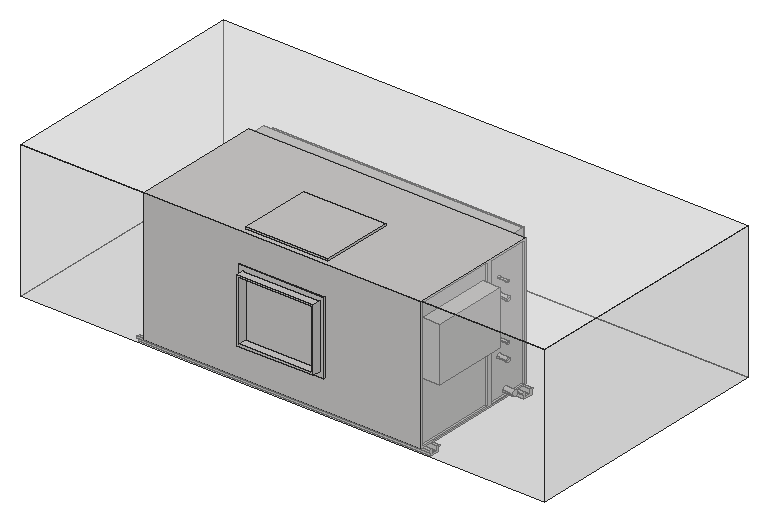
Revit family "outputfile", category 機械設備, Revit 2024
Family settings
  丸型コネクタ寸法 = 半径を使用
  パーツ タイプ = 標準
  OmniClass 番号 = 23.75.10.24.21.27.27
  OmniClass タイトル = Split System Air Conditioning Units
  作業面ベース = いいえ
  常に垂直 = はい
  ロード時にボイドで切り取り = いいえ
  注釈の向きを維持 = いいえ
  共有 = いいえ
  部屋計算ポイント = はい
Parameters (values of type "2FDN200HTL")
  Description = ""
  書き出し IFC クラス(タイプ) = "IfcUnitaryEquipmentType"
  定義済み IFC タイプ(タイプ) = "AIRCONDITIONINGUNIT"
  Cost = 0
  Type Comments = ""
  Keynote = ""
  Type Image = (empty or 0)
  Assembly Code = ""
  switch_frequency = yes
  lw_power = 980 mm
  lw_box = 98 mm
  lw_RA = 865 mm
  lh_liquidpipe_2 = 738 mm
  lh_height_SA = 408 mm
  lh_ld_mountinghole_height = 35 mm
  lh_height_RA = 747 mm
  lh_hangerfixture = 35 mm
  lh_gaspipe_2 = 638 mm
  lh_box_top = 110 mm
  lh_box = 350 mm
  lh_SA = 461 mm
  lh_RA = 476.5 mm
  ld_depth_SA = 60 mm
  ld_depth_RA = 130 mm
  ld_box_left = 30 mm
  ld_box = 490 mm
  connector_voltage = Voltage_60Hz  # 220 V
  connector_powerinput = [Power Input (Cooling)]  # 20.830 kW
  connector_phase = Phase_60Hz  # 3
  URL = ""
  Supply Air Direction [instance] = yes
  製造元 = "Daikin"
  モデル = "2FDN200HTL"
  w_pipe = 33 mm
  r_Liquid Pipe Size = Liquid Pipe Size / 2  # 6.35 mm
  r_Gas Pipe Size = Gas Pipe Size / 2  # 12.7 mm
  r_Drain Pipe Size = Drain Pipe Size / 2  # 17.0 mm
  lw_powersupply = 897 mm
  lw_width_RA = 1624 mm
  lw_width_SA = 474 mm
  lh_suctionflange [instance] = 100 mm
  ld_suctionflange [instance] = 190 mm
  ld_powersupply = 0 mm
  angle_vertical_RA [instance] = 90.00°
  angle horizontal_RA [instance] = 180.00°
  Voltage_comment_60Hz = "220"
  Voltage_60Hz = 220 V
  Sound Power Level_H speed (dB) = 0
  Phase_60Hz = 3
  Minimum External Static Pressure = 0.00 Pa
  Minimum Circuit Amps_60Hz = 0.0 A
  Maximum Fuse Amps_60Hz = 0.0 A
  Maximum External Static Pressure = 150.00 Pa
  Material_Casing = DAIKIN_GalvanizedSteel_Casing_indoorunit
  lw_liquidpipe = 945.5 mm
  lw_gaspipe = 947 mm
  lw_mountinghole_pitch = 1854 mm
  lw_mountinghole = 1894 mm
  lw_drainpipe = 947 mm
  lh_powersupply = 425 mm
  lh_liquidpipe = 382 mm
  lh_gaspipe = 282 mm
  lh_mountinghole = 9 mm
  lh_drainpipe = 65 mm
  lh_antena = 1 mm
  ld_liquidpipe = 223 mm
  ld_gaspipe = 223 mm
  ld_mountinghole_pitch = 755 mm
  ld_drainpipe = 276 mm
  ld_controlbox = 626 mm
  h*** = 0 mm  # constant formula
  d_dischargeflange = ld_depth_SA  # 60 mm
  Width = 1794 mm
  Version = "ver.1.0"
  Unit Type = "Duct"
  Unit Mass Weight = 196.00 kg
  Unit Designation [instance] = ""
  Uniclass2015Version = "Products v1.30"
  Uniclass2015Title = "Split coil room air conditioning units"
  Uniclass2015Code = "Pr_70_65_03_86"
  Total Cooling Capacity [instance] = 0.000 kW
  Sound Pressure Level_M speed (dBA) = 0
  Sound Pressure Level_L speed (dBA) = 0
  Sound Pressure Level_H speed (dBA) = 61
  Series = "Package Aircon_Fan Coil Unit"
  Sensible Cooling Capacity [instance] = 0.000 kW
  SA Duct Size Width = 474 mm
  SA Duct Size Height = 408 mm
  Refrigerant Type = "R410A"
  RA Duct Size Width = 1624 mm
  RA Duct Size Height = 747 mm
  Power Input (Cooling) = 20.830 kW
  Option Accessory 3 [instance] = ""
  Option Accessory 2 [instance] = ""
  Option Accessory 1 [instance] = ""
  Nominal Cooling Capacity = 58.617 kW
  Minimum Airflow = 0.00 m³/h
  Median Airflow = 0.00 m³/h
  Maximum Airflow = 10194.00 m³/h
  Load Classification = HVAC
  Liquid Pipe Size = 12.7 mm
  Link_Nested Family [instance] = ""
  IfcVersion = ""
  IfcExportType = "AIRCONDITIONINGUNIT"
  IfcExportAs = "IfcUnitaryEquipmentType"
  Height = 885 mm
  Heat Exchanger Type = "Cross Fin Coil"
  Gas Pipe Size = 25.4 mm
  Frequency_60Hz = 60 Hz
  Fan Type = "Sirocco Fan"
  Fan Drive = "-"
  FCU Tag No. [instance] = ""
  Drain Pipe Size = 34.0 mm
  Design Supply Airflow [instance] = 0.00 m³/h
  Design Return Airflow [instance] = 0.00 m³/h
  Design External Static Pressure [instance] = 0.00 Pa
  Depth = 850 mm
  既定の高さ = 0 mm
  Cooling Entering Wet Bulb Temperature [instance] = 0.00 °C
  Cooling Entering Dry Bulb Temperature [instance] = 0.00 °C
  Cooling Ambient Wet Bulb Temperature [instance] = 0.00 °C
  Cooling Ambient Dry Bulb Temperature [instance] = 0.00 °C
  Clearance visibility [instance] = yes
  Clearance Top = 0 mm
  Clearance Right = 800 mm
  Clearance Rear = 800 mm
  Clearance Left = 800 mm
  Clearance Front = 0 mm
  Clearance Bottom = 0 mm
Reference planes
  plane 1 "Center (Front/Back)": y = 0
  plane 2: z = 0
  plane 3 "Center (Left/Right)": x = 0
  plane 4 "Back": y = 425
  plane 5 "Front": y = -425
  plane 6 "Left": x = -897
  plane 7 "Right": x = 897
  plane 8 "Top": z = 0
  plane 9 "Bottom": z = -885
  plane 10: z = -503
  plane 11: z = -603
  plane 12: x = -927
  plane 13: x = 927
  plane 14: x = 945.5
  plane 15: x = 947
  plane 16: z = -876
  plane 17 "Clearance Left": x = -1697
  plane 18 "Clearance Right": x = 1697
  plane 19 "Clearance Rear": y = 1225
  plane 20 "Clearance Front": y = -425
  plane 21 "Clearance Bottom": z = -885
  plane 22: z = -820
  plane 23 "ld_gas": y = 223
  plane 24: y = 223
  plane 25: y = -30
  plane 26: y = 276
  plane 27: y = 235
  plane 28: x = 947
  plane 29: y = 377.5
  plane 30: y = -377.5
  plane 31: y = -485
  plane 32: y = 555
  plane 33 "Clearance Top": z = 0
  plane 34: z = -460
  plane 35: y = 0
  plane 36 "hangerfixture": z = -850
  plane 37 "lh_SA": z = -424
  plane 38 "lh_RA": z = -408.5
  plane 39 "RA_center": x = -32
  plane 40: y = -416
  plane 41: y = 119.5
  plane 42: y = 416
  plane 43: z = -9
  plane 44: z = -844
  plane 45: y = 137.5
  plane 46: y = -416
  plane 47: y = 119.5
  plane 48: y = 416
  plane 49: z = -9
  plane 50: z = -844
  plane 51: y = 137.5
  plane 52: x = 886
  plane 53: x = 995
  plane 54: y = -395
  plane 55: y = -375
  plane 56: y = 75
  plane 57: y = 95
  plane 58 "box_bottom": z = -460
  plane 59 "box_top": z = -110
  plane 60: x = -267
  plane 61: x = 267
  plane 62: y = -387.5
  plane 63: y = 80.5
  plane 64 "lw_power": x = 980
  plane 65: z = -147
  plane 66: z = -247
Forms (mm)
  Extrusion 1, solid, material "DAIKIN_GalvanizedSteel_Casing_indoorunit" <- "Material_Casing"
    sketch origin (0, -0.8, 0) x (1, 0, 0) y (0, 1, 0)
      loop
        line (-897, -424.2) -> (897, -424.2) -> (897, 425.8) -> (-897, 425.8) -> (-897, -424.2)
    from -850 to 0
  Revolve 2, solid, material "DAIKIN_GalvanizedSteel_Casing_indoorunit" <- "Material_Casing"
    sketch origin (0, 0, -603) x (0, -1, 0) y (1, 0, 0)
      loop
        line (-210.3, 877) -> (-210.3, 947) -> (-223, 947) -> (-223, 877) -> (-210.3, 877)
      axis (-223, 877) -> (-223, 947)
    angle from 0 to 360
  Revolve 3, solid, material "DAIKIN_GalvanizedSteel_Casing_indoorunit" <- "Material_Casing"
    sketch origin (0, 0, -503) x (0, -1, 0) y (1, 0, 0)
      loop
        line (-223, 877) -> (-223, 945.5) -> (-229.35, 945.5) -> (-229.35, 877) -> (-223, 877)
      axis (-223, 945.5) -> (-223, 877)
    angle from 0 to 360
  Extrusion 4, solid, material "DAIKIN_GalvanizedSteel_Casing_indoorunit" <- "Material_Casing"
    sketch origin (0, 0, 0) x (0, 1, 0) y (0, 0, 1)
      loop
        circle (276, -820) r 17
    from 947 to 877
  Extrusion 5, void
    sketch origin (897, 0, 0) x (0, 1, 0) y (0, 0, 1)
      loop
        line (-416, -9) -> (-416, -844) -> (119.5, -844) -> (119.5, -9) -> (-416, -9)
      loop
        line (416, -9) -> (137.5, -9) -> (137.5, -844) -> (416, -844) -> (416, -9)
    from 0 to -20
  Extrusion 6, void
    sketch origin (-897, 0, 0) x (0, 1, 0) y (0, 0, 1)
      loop
        line (-416, -9) -> (-416, -844) -> (119.5, -844) -> (119.5, -9) -> (-416, -9)
      loop
        line (416, -9) -> (137.5, -9) -> (137.5, -844) -> (416, -844) -> (416, -9)
    from 0 to 20
  Extrusion 7, solid, material "DAIKIN_GalvanizedSteel_Casing_indoorunit" <- "Material_Casing"
    sketch origin (0, 0, 0) x (1, 0, 0) y (0, 1, 0)
      loop
        line (877, -395) -> (995, -395) -> (995, 95) -> (877, 95) -> (877, -395)
    from -460 to -110
  Extrusion 8, solid, material "DAIKIN_GalvanizedSteel_Casing_indoorunit" <- "Material_Casing"
    sketch origin (0, 0, 0) x (-1, 0, 0) y (0, -1, 0)
      loop
        line (267, -80.5) -> (267, 387.5) -> (-267, 387.5) -> (-267, -80.5) -> (267, -80.5)
    from 0 to 9
  Revolve 9, solid, material "DAIKIN_GalvanizedSteel_Casing_indoorunit" <- "Material_Casing"
    sketch origin (0, 0, -247) x (0, -1, 0) y (1, 0, 0)
      loop
        line (-210.3, 877) -> (-210.3, 947) -> (-223, 947) -> (-223, 877) -> (-210.3, 877)
      axis (-223, 877) -> (-223, 947)
    angle from 0 to 360
  Revolve 10, solid, material "DAIKIN_GalvanizedSteel_Casing_indoorunit" <- "Material_Casing"
    sketch origin (0, 0, -147) x (0, -1, 0) y (1, 0, 0)
      loop
        line (-223, 877) -> (-223, 945.5) -> (-229.35, 945.5) -> (-229.35, 877) -> (-223, 877)
      axis (-223, 945.5) -> (-223, 877)
    angle from 0 to 360
  Extrusion 11, solid, material "DAIKIN_GalvanizedSteel_Casing_indoorunit" <- "Material_Casing"
    sketch origin (0, 0, 0) x (0, 1, 0) y (0, 0, 1)
      loop
        line (-337.5, -850) -> (-337.5, -859) -> (337.5, -859) -> (337.5, -850) -> (-337.5, -850)
    from -897 to 897
Cuts and joins
  Extrusion 5, Extrusion 6 cuts Extrusion 1
  Extrusion 6 cuts Revolve 2
  Extrusion 6 cuts Revolve 3
  Extrusion 6 cuts Extrusion 4
Dimensions and locks
  equal spacing: plane 12, plane 3 "Center (Left/Right)", plane 13
  "lw_mountinghole_pitch": plane 12 to plane 13
  "lh_liquidpipe": plane 10 to plane 9 "Bottom"
  "lh_gaspipe": plane 11 to plane 9 "Bottom"
  equal spacing: plane 6 "Left", plane 3 "Center (Left/Right)", plane 7 "Right"
  "Width": plane 6 "Left" to plane 7 "Right"
  "Clearance Right": plane 7 "Right" to plane 18 "Clearance Right"
  "Clearance Left": plane 17 "Clearance Left" to plane 6 "Left"
  "Clearance Rear": plane 19 "Clearance Rear" to plane 4 "Back"
  "Clearance Front": plane 5 "Front" to plane 20 "Clearance Front"
  "Depth": plane 4 "Back" to plane 5 "Front"
  equal spacing: plane 4 "Back", plane 1 "Center (Front/Back)", plane 5 "Front"
  "ld_suctionflange": plane 4 "Back" to plane 27
  "r_Liquid Pipe Size": nested 5 to Revolve 3 sketch curve
  equal spacing: plane 29, plane 1 "Center (Front/Back)", plane 30
  "ld_mountinghole_pitch": plane 29 to plane 30
  "lw_liquidpipe": plane 3 "Center (Left/Right)" to plane 14
  "lw_gaspipe": plane 3 "Center (Left/Right)" to plane 15
  "lw_drainpipe": plane 3 "Center (Left/Right)" to plane 28
  "lh_drainpipe": plane 22 to plane 9 "Bottom"
  "Clearance Top": plane 33 "Clearance Top" to plane 8 "Top"
  "Clearance Bottom": plane 9 "Bottom" to plane 21 "Clearance Bottom"
  "lh_powersupply": plane 34 to plane 9 "Bottom"
  level to plane 8 "Top" = 0 mm
  "lh_hangerfixture": plane 36 "hangerfixture" to plane 9 "Bottom"
  "lh_SA": plane 37 "lh_SA" to plane 9 "Bottom"
  "ld_depth_SA": plane 5 "Front" to plane 31
  "ld_depth_RA": plane 32 to plane 4 "Back"
  "lh_RA": plane 38 "lh_RA" to plane 9 "Bottom"
  "lw_RA": plane 6 "Left" to plane 39 "RA_center"
  locked: plane 36 "hangerfixture" to plane 44 at 6
  locked: plane 5 "Front" to plane 40 at 9
  locked: plane 8 "Top" to plane 43 at 9
  locked: plane 42 to plane 4 "Back" at 9
  plane 40 to plane 41 = 535.5 mm
  locked: plane 45 to plane 42 at 278.5
  locked: plane 46 to plane 47 at 535.5
  locked: plane 51 to plane 48 at 278.5
  locked: plane 5 "Front" to plane 46 at 9
  locked: plane 48 to plane 4 "Back" at 9
  locked: plane 8 "Top" to plane 49 at 9
  locked: plane 50 to plane 36 "hangerfixture" at 6
  "ld_box_left": plane 54 to plane 5 "Front"
  "ld_box": plane 57 to plane 54
  locked: plane 55 to plane 54 at 20
  locked: plane 57 to plane 56 at 20
  locked: cut or joined group of Extrusion 1, Extrusion 5, Extrusion 6 to plane 52 at 9
  "lw_box": plane 7 "Right" to plane 53
  "lh_box": plane 59 "box_top" to plane 58 "box_bottom"
  plane 60 to plane 3 "Center (Left/Right)" to plane 61 = 267 mm locked, 267 mm locked
  plane 63 to plane 62 to plane 5 "Front" = 468 mm locked, 37.5 mm locked
  "lw_power": plane 3 "Center (Left/Right)" to plane 64 "lw_power"
  "lh_gaspipe_2": plane 66 to plane 9 "Bottom"
  "lh_liquidpipe_2": plane 65 to plane 9 "Bottom"
  "ld_powersupply": plane 35 to plane 1 "Center (Front/Back)"
  "ld_drainpipe": plane 26 to plane 1 "Center (Front/Back)"
  "ld_gaspipe": plane 23 "ld_gas" to plane 1 "Center (Front/Back)"
  "r_Gas Pipe Size": plane 23 "ld_gas" to Revolve 9 sketch curve
  "r_Gas Pipe Size": plane 23 "ld_gas" to Revolve 2 sketch curve
  "r_Liquid Pipe Size": Revolve 10 sketch curve to plane 24
  "ld_liquidpipe": plane 24 to plane 1 "Center (Front/Back)"
  "Height": plane 8 "Top" to plane 9 "Bottom"
  "lh_mountinghole": plane 16 to plane 9 "Bottom"
  "lh_box_top": plane 8 "Top" to plane 59 "box_top"
  "r_Drain Pipe Size": radius of Extrusion 4 sketch curve
  aligned and locked: level to plane 2
  aligned and locked: plane 8 "Top" to Extrusion 1
  aligned and locked: Revolve 2 sketch curve to Revolve 2 sketch curve
  aligned and locked: plane 14 to nested 5
  aligned and locked: nested 5 to plane 10
  aligned and locked: plane 13 to nested 2
  aligned and locked: plane 12 to nested 3
  aligned and locked: plane 12 to nested 4
  aligned and locked: nested 6 to plane 11
  aligned and locked: plane 23 "ld_gas" to nested 6
  aligned and locked: plane 24 to nested 5
  aligned and locked: Extrusion 4 sketch curve to plane 26
  aligned and locked: nested 11 to plane 19 "Clearance Rear"
  aligned and locked: plane 18 "Clearance Right" to nested 11
  aligned and locked: plane 17 "Clearance Left" to nested 11
  aligned and locked: nested 11 to plane 20 "Clearance Front"
  aligned and locked: plane 28 to Extrusion 4
  aligned and locked: plane 15 to nested 6  (x2)
  aligned and locked: plane 13 to nested 1
  aligned and locked: plane 26 to nested 7
  aligned and locked: nested 7 to plane 22
  aligned and locked: nested 7 to plane 28
  aligned and locked: nested 9 to plane 1 "Center (Front/Back)"
  aligned and locked: plane 3 "Center (Left/Right)" to nested 9
  aligned and locked: plane 29 to nested 1
  aligned and locked: plane 30 to nested 2
  aligned and locked: nested 4 to plane 29
  aligned and locked: nested 3 to plane 30
  aligned and locked: nested 10 to plane 4 "Back"
  aligned and locked: nested 8 to plane 31
  aligned and locked: plane 32 to nested 14
  aligned and locked: plane 3 "Center (Left/Right)" to nested 13
  aligned and locked: nested 11 to plane 33 "Clearance Top"
  aligned and locked: nested 11 to plane 21 "Clearance Bottom"
  aligned and locked: nested 12 to plane 9 "Bottom"
  aligned and locked: plane 36 "hangerfixture" to Extrusion 1
  aligned and locked: plane 37 "lh_SA" to nested 8
  aligned and locked: Extrusion 1 to plane 5 "Front"
  aligned and locked: nested 13 to plane 31
  aligned and locked: plane 37 "lh_SA" to nested 13
  aligned and locked: Extrusion 1 to plane 4 "Back"
  aligned and locked: plane 38 "lh_RA" to nested 10
  aligned and locked: nested 14 to plane 38 "lh_RA"
  aligned and locked: plane 39 "RA_center" to nested 10
  aligned and locked: nested 14 to plane 39 "RA_center"
  aligned and locked: Extrusion 5 sketch curve to plane 43
  aligned and locked: Extrusion 5 sketch curve to plane 40
  aligned and locked: plane 44 to Extrusion 5 sketch curve
  aligned and locked: Extrusion 5 sketch curve to plane 41
  aligned and locked: plane 43 to Extrusion 5 sketch curve
  aligned and locked: Extrusion 5 sketch curve to plane 42
  aligned and locked: Extrusion 5 sketch curve to plane 44
  aligned and locked: Extrusion 5 sketch curve to plane 45
  aligned and locked: Extrusion 6 sketch curve to plane 49
  aligned and locked: Extrusion 6 sketch curve to plane 46
  aligned and locked: plane 50 to Extrusion 6 sketch curve
  aligned and locked: Extrusion 6 sketch curve to plane 47
  aligned and locked: plane 49 to Extrusion 6 sketch curve
  aligned and locked: Extrusion 6 sketch curve to plane 48
  aligned and locked: Extrusion 6 sketch curve to plane 50
  aligned and locked: Extrusion 6 sketch curve to plane 51
  aligned and locked: cut or joined group of Extrusion 1, Extrusion 5, Extrusion 6 to Extrusion 7 sketch curve
  aligned and locked: plane 57 to Extrusion 7 sketch curve
  aligned and locked: plane 53 to Extrusion 7 sketch curve
  aligned and locked: Extrusion 7 sketch curve to plane 54
  aligned and locked: plane 59 "box_top" to Extrusion 7
  aligned and locked: Extrusion 7 to plane 58 "box_bottom"
  aligned and locked: Extrusion 8 sketch curve to plane 63
  aligned and locked: Extrusion 8 sketch curve to plane 60
  aligned and locked: plane 62 to Extrusion 8 sketch curve
  aligned and locked: plane 61 to Extrusion 8 sketch curve
  aligned and locked: Revolve 9 sketch curve to Revolve 9 sketch curve
  aligned and locked: nested 16 to plane 65
  aligned and locked: nested 17 to plane 66
  aligned and locked: Revolve 10 to plane 14
  aligned and locked: plane 14 to nested 16
  aligned and locked: plane 15 to cut or joined group of Revolve 2, Extrusion 6  (x3)
  aligned and locked: cut or joined group of Revolve 2, Extrusion 6 to plane 15
  aligned and locked: nested 15 to plane 35
  aligned and locked: Revolve 2 sketch curve to plane 23 "ld_gas"
  aligned and locked: plane 23 "ld_gas" to nested 17
  aligned and locked: plane 24 to nested 16
  aligned and locked: cut or joined group of Extrusion 1, Extrusion 5, Extrusion 6 to cut or joined group of Extrusion 4, Extrusion 6
  aligned and locked: cut or joined group of Extrusion 1, Extrusion 5, Extrusion 6 to Revolve 10
  aligned and locked: Revolve 9 to cut or joined group of Extrusion 1, Extrusion 5, Extrusion 6
  aligned and locked: cut or joined group of Extrusion 1, Extrusion 5, Extrusion 6 to cut or joined group of Revolve 3, Extrusion 6
  aligned and locked: cut or joined group of Revolve 2, Extrusion 6 to cut or joined group of Extrusion 1, Extrusion 5, Extrusion 6
  aligned and locked: plane 36 "hangerfixture" to Extrusion 11 sketch curve
  aligned and locked: Extrusion 11 sketch curve to nested 12  (x3)
  aligned and locked: Extrusion 11 to plane 6 "Left"
  aligned and locked: plane 7 "Right" to Extrusion 11
  aligned and locked: nested 15 to plane 34
  aligned and locked: nested 15 to plane 64 "lw_power"
  aligned and locked: level to plane 8 "Top"
Automatic sketch dimensions
  Extrusion 1 sketch curve to plane 4 "Back" = 0 mm
  Extrusion 1 sketch curve to plane 6 "Left" = 0 mm
  Extrusion 1 sketch curve to plane 5 "Front" = 0 mm
  Extrusion 1 sketch curve to plane 7 "Right" = 0 mm
  Revolve 3 sketch curve to plane 23 "ld_gas" = 0 mm  (x2)
  Revolve 3 sketch curve to plane 14 = 0 mm  (x2)
  Revolve 3 sketch curve to plane 7 "Right" = 20 mm
  plane 7 "Right" to Revolve 3 sketch curve = 1 mm
  Extrusion 4 sketch curve to plane 22 = 0 mm
  Revolve 10 sketch curve to plane 23 "ld_gas" = 0 mm  (x2)
  Revolve 10 sketch curve to plane 14 = 0 mm  (x2)
  Revolve 10 sketch curve to plane 7 "Right" = 20 mm
  plane 7 "Right" to Revolve 10 sketch curve = 1 mm
  Revolve 2 sketch curve to plane 15 = 0 mm
  Revolve 2 sketch curve to plane 7 "Right" = 20 mm
  plane 7 "Right" to Revolve 2 sketch curve = 2.003 mm
  plane 15 to Revolve 2 sketch curve = 1.003 mm
  Revolve 9 sketch curve to plane 23 "ld_gas" = 0 mm
  Revolve 9 sketch curve to plane 15 = 0 mm
  Revolve 9 sketch curve to plane 7 "Right" = 20 mm
  plane 7 "Right" to Revolve 9 sketch curve = 2.003 mm
  plane 15 to Revolve 9 sketch curve = 1.003 mm
Nested families
  nested 1: "daikin_mountinghole" at (927, 377.5, -885), Link_Nested Family <- "Link_Nested Family", h_mountinghole <- "lh_mountinghole", l_antenna <- "lh_antena", type "daikin_mountinghole"
    with show yes, l_antenna 1 mm, h_mountinghole 9 mm, Link_Nested Family "", d_circle 23 mm
  nested 2: "daikin_mountinghole" at (927, -377.5, -885), Link_Nested Family <- "Link_Nested Family", h_mountinghole <- "lh_mountinghole", l_antenna <- "lh_antena", type "daikin_mountinghole"
    with show yes, l_antenna 1 mm, h_mountinghole 9 mm, Link_Nested Family "", d_circle 23 mm
  nested 3: "daikin_mountinghole" at (-927, -377.5, -885), Link_Nested Family <- "Link_Nested Family", h_mountinghole <- "lh_mountinghole", l_antenna <- "lh_antena", type "daikin_mountinghole"
    with show yes, l_antenna 1 mm, h_mountinghole 9 mm, Link_Nested Family "", d_circle 23 mm
  nested 4: "daikin_mountinghole" at (-927, 377.5, -885), Link_Nested Family <- "Link_Nested Family", h_mountinghole <- "lh_mountinghole", l_antenna <- "lh_antena", type "daikin_mountinghole"
    with show yes, l_antenna 1 mm, h_mountinghole 9 mm, Link_Nested Family "", d_circle 23 mm
  nested 5: "daikin_connector_rotate2" at (0, 223, -503) x (0, 1, 0) z (0, 0, 1), length <- "lw_liquidpipe", built-in parameter 1001364 <- "lh_liquidpipe", radius <- "r_Liquid Pipe Size", type "daikin_connector_rotate2"
    with radius 6.35 mm, length 945.5 mm, angle_vertical 90.00°
  nested 6: "daikin_connector_rotate2" at (0, 223, -603) x (0, 1, 0) z (0, 0, 1), length <- "lw_gaspipe", built-in parameter 1001364 <- "lh_gaspipe", radius <- "r_Gas Pipe Size", type "daikin_connector_rotate2"
    with radius 12.7 mm, length 947 mm, angle_vertical 90.00°
  nested 7: "daikin_connector_rotate2" at (0, 276, -820) x (0, 1, 0) z (0, 0, 1), built-in parameter 1001364 <- "lh_drainpipe", length <- "lw_drainpipe", radius <- "r_Drain Pipe Size", type "daikin_connector_rotate2"
    with radius 17 mm, length 947 mm, angle_vertical 90.00°
  nested 8: "daikin_connector_rotate2" at (0, -425, -424), length <- "d_dischargeflange", type "daikin_connector_rotate2"
    with radius 10 mm, length 60 mm, angle_vertical 90.00°
  nested 9: "daikin_△_symbolicline" at (-75, -129.904, 9) x (-0.5, 0.866, 0) z (0, 0, 1), visible <- "Supply Air Direction", type "daikin_△_symbolicline"
    with length 300 mm
  nested 10: "daikin_ductflange_2FDN-HTL" at (-32, 425, -408.5), material <- "Material_Casing", width <- "lw_width_RA", height <- "lh_height_RA", depth <- "ld_depth_RA", type "daikin_ductflange_2FDN-HTL"
    with width 1624 mm, material DAIKIN_GalvanizedSteel_Casing_indoorunit, height 747 mm, depth 130 mm
  nested 11: "daikin_clearancespace" at (0, 400, -442.381), visible <- "Clearance visibility", show <- "Clearance visibility", Link_Nested Family <- "Link_Nested Family", type "daikin_clearancespace"
    with width 3394 mm, show yes, height 885 mm, depth 1650 mm, Link_Nested Family ""
  nested 12: "daikin_hangerfixture_2FDN-HTL" at (0, 0, -885), type "daikin_hangerfixture_2FDN-HTL"
  nested 13: "daikin_ductflange_2FDN-HTL_1" at (0, -425, -613.401), width <- "lw_width_SA", material <- "Material_Casing", height <- "lh_height_SA", depth <- "ld_depth_SA", type "daikin_ductflange_2FDN-HTL_1"
    with width 474 mm, material DAIKIN_GalvanizedSteel_Casing_indoorunit, height 408 mm, depth 60 mm
  nested 14: "daikin_connector_rotate2" at (-32, 425, -408.5) x (-1, 0, 0) z (0, 0, 1), length <- "ld_depth_RA", type "daikin_connector_rotate2"
    with radius 10 mm, length 130 mm, angle_vertical 90.00°
  nested 15: "daikin_connector_rotate2" at (980, 0, -110) x (0, 1, 0) z (1, 0, 0), length <- "lh_box", type "daikin_connector_rotate2"
    with radius 10 mm, length 350 mm, angle_vertical 90.00°
  nested 16: "daikin_connector_rotate2" at (0, 223, -147) x (0, 1, 0) z (0, 0, 1), length <- "lw_liquidpipe", built-in parameter 1001364 <- "lh_liquidpipe", radius <- "r_Liquid Pipe Size", type "daikin_connector_rotate2"
    with radius 6.35 mm, length 945.5 mm, angle_vertical 90.00°
  nested 17: "daikin_connector_rotate2" at (0, 223, -247) x (0, 1, 0) z (0, 0, 1), length <- "lw_gaspipe", built-in parameter 1001364 <- "lh_gaspipe", radius <- "r_Gas Pipe Size", type "daikin_connector_rotate2"
    with radius 12.7 mm, length 947 mm, angle_vertical 90.00°
Connectors
  piping at (947, 223, -603), diameter 25.4, driven by "r_Gas Pipe Size"
    settings: on nested 6, index 1, connector inside diameter 609.6 mm, connector length 0 mm, flow factor 0, pipe flow 0.00 m³/h, pressure drop 0.0 Pa, fitting loss kfactor 0, connector angle 0.00°, fixture units 0, engagement length 0 mm, angle of deflection 0.00°, flow configuration 1, flow direction 2, fitting loss method 0, system type 29, joint type 0, gender type 0, connector reference index -1, connector utility 0, adjustable connector no, is connector primary yes, connector description "Refrigerant Gas Piping"
  piping at (945.5, 223, -503), diameter 12.7, driven by "r_Liquid Pipe Size"
    settings: on nested 5, index 2, connector inside diameter 609.6 mm, connector length 0 mm, flow factor 0, pipe flow 0.00 m³/h, pressure drop 0.0 Pa, fitting loss kfactor 0, connector angle 0.00°, fixture units 0, engagement length 0 mm, angle of deflection 0.00°, flow configuration 1, flow direction 1, fitting loss method 0, system type 29, joint type 0, gender type 0, connector reference index -1, connector utility 0, adjustable connector no, is connector primary no, connector description "Refrigerant Liquid Piping"
  piping at (947, 276, -820), diameter 34, driven by "r_Drain Pipe Size"
    settings: on nested 7, index 3, connector inside diameter 609.6 mm, connector length 0 mm, flow factor 0, pipe flow 0.00 m³/h, pressure drop 0.0 Pa, fitting loss kfactor 0, connector angle 0.00°, fixture units 0, engagement length 0 mm, angle of deflection 0.00°, flow configuration 1, flow direction 2, fitting loss method 4, system type 16, joint type 0, gender type 0, connector reference index -1, connector utility 0, adjustable connector no, is connector primary no, connector description "Condensate Drain Piping"
  hvac at (0, -485, -424), driven by "SA Duct Size Height", driven by "SA Duct Size Width"
    settings: on nested 8, index 7, duct flow 0.00 m³/h, flow factor 0, pres drop 0.00 Pa, loss coef 0, conn angle 0.00°, conn width 474.0 mm, conn height 408.0 mm, conn diameter 609.6 mm, duct sys type 1, conn prof type 1, flow config 0, flow direction 2, loss method 4, conn ref index -1, conn util no, is conn primary yes, conn desc "SA Duct"
  hvac at (-32, 555, -408.5), driven by "RA Duct Size Width", driven by "RA Duct Size Height"
    settings: on nested 14, index 8, duct flow 0.00 m³/h, flow factor 0, pres drop 0.00 Pa, loss coef 0, conn angle 0.00°, conn width 1624.0 mm, conn height 747.0 mm, conn diameter 609.6 mm, duct sys type 2, conn prof type 1, flow config 0, flow direction 1, loss method 4, conn ref index -1, conn util no, is conn primary no, conn desc "RA Duct"
  electrical at (980, 0, -460), driven by "Load Classification", driven by "connector_phase", driven by "connector_powerinput", driven by "connector_voltage"
    settings: on nested 15, index 9, voltage 220 V, apparent load 20830 VA, apparent load phase1 0 VA, apparent load phase2 0 VA, apparent load phase3 0 VA, power factor 1, load classification "HVAC", number of poles 3, system type 30, power factor state 1, is connector primary yes, connector utility no, sub classification motor no, connector description "Power Supply"
  piping at (947, 223, -247), diameter 25.4, driven by "r_Gas Pipe Size"
    settings: on nested 17, index 10, connector inside diameter 609.6 mm, connector length 0 mm, flow factor 0, pipe flow 0.00 m³/h, pressure drop 0.0 Pa, fitting loss kfactor 0, connector angle 0.00°, fixture units 0, engagement length 0 mm, angle of deflection 0.00°, flow configuration 1, flow direction 2, fitting loss method 0, system type 29, joint type 0, gender type 0, connector reference index -1, connector utility 0, adjustable connector no, is connector primary no, connector description "Refrigerant Gas Piping"
  piping at (945.5, 223, -147), diameter 12.7, driven by "r_Liquid Pipe Size"
    settings: on nested 16, index 11, connector inside diameter 609.6 mm, connector length 0 mm, flow factor 0, pipe flow 0.00 m³/h, pressure drop 0.0 Pa, fitting loss kfactor 0, connector angle 0.00°, fixture units 0, engagement length 0 mm, angle of deflection 0.00°, flow configuration 1, flow direction 1, fitting loss method 0, system type 29, joint type 0, gender type 0, connector reference index -1, connector utility 0, adjustable connector no, is connector primary no, connector description "Refrigerant Liquid Piping"
Definition of nested family "daikin_ductflange_2FDN-HTL"
  Parameters (values of type "daikin_ductflange_FBFC-AXVA_1")
    width [instance] = 1624 mm
    material [instance] = none
    height [instance] = 747 mm
    depth [instance] = 130 mm
    Default Elevation = 0 mm
  Reference planes
    plane 1 "Center (Front/Back)": y = 0
    plane 2: z = 0
    plane 3 "Center (Left/Right)": x = 0
    plane 4: x = -812
    plane 5: x = 812
    plane 6: z = 373.5
    plane 7: z = -373.5
    plane 8: y = 90
    plane 9: y = 130
    plane 10: x = -802
    plane 11: x = 802
    plane 12: z = -363.5
    plane 13: z = 363.5
    plane 14: x = -838
    plane 15: x = 838
    plane 16: z = 393.5
    plane 17: z = -393.5
  Forms (mm)
    Extrusion 1, solid, material <- "material"
      sketch origin (0, 0, 0) x (1, 0, 0) y (0, 0, 1)
        loop
          line (-838, 393.5) -> (-838, -393.5) -> (838, -393.5) -> (838, 393.5) -> (-838, 393.5)
        loop
          line (-802, 363.5) -> (-802, -363.5) -> (802, -363.5) -> (802, 363.5) -> (-802, 363.5)
      from 0 to -90
    Extrusion 2, solid, material <- "material"
      sketch origin (0, 0, 0) x (1, 0, 0) y (0, 0, 1)
        loop
          line (-812, 373.5) -> (-812, -373.5) -> (812, -373.5) -> (812, 373.5) -> (-812, 373.5)
        loop
          line (802, 363.5) -> (-802, 363.5) -> (-802, -363.5) -> (802, -363.5) -> (802, 363.5)
      from -130 to -90
  Cuts and joins
    joined: Extrusion 1, Extrusion 2
  Dimensions and locks
    equal spacing: plane 5, plane 3 "Center (Left/Right)", plane 4
    "width": plane 5 to plane 4
    equal spacing: plane 6, level, plane 7
    "height": plane 6 to plane 7
    locked: plane 1 "Center (Front/Back)" to plane 8 at 90
    "depth": plane 1 "Center (Front/Back)" to plane 9
    locked: plane 6 to plane 13 at 10
    locked: plane 12 to plane 7 at 10
    locked: plane 5 to plane 11 at 10
    locked: plane 10 to plane 4 at 10
    locked: plane 4 to plane 14 at 26
    locked: plane 15 to plane 5 at 26
    locked: plane 16 to plane 6 at 20
    locked: plane 7 to plane 17 at 20
    aligned and locked: level to plane 2
    aligned and locked: Extrusion 1 to plane 8
    aligned and locked: plane 1 "Center (Front/Back)" to Extrusion 1
    aligned and locked: Extrusion 2 to plane 9
    aligned and locked: Extrusion 2 to Extrusion 1
    aligned and locked: plane 13 to Extrusion 2 sketch curve
    aligned and locked: plane 11 to Extrusion 2 sketch curve
    aligned and locked: Extrusion 2 sketch curve to plane 12
    aligned and locked: Extrusion 2 sketch curve to plane 10
    aligned and locked: Extrusion 1 sketch curve to plane 16
    aligned and locked: plane 14 to Extrusion 1 sketch curve
    aligned and locked: plane 17 to Extrusion 1 sketch curve
    aligned and locked: Extrusion 1 sketch curve to plane 15
  Automatic sketch dimensions
    Extrusion 2 sketch curve to plane 4 = 0 mm
    Extrusion 2 sketch curve to plane 5 = 0 mm
    Extrusion 2 sketch curve to plane 7 = 0 mm
    Extrusion 2 sketch curve to plane 6 = 0 mm
    plane 4 to Extrusion 1 sketch curve = 10 mm
    Extrusion 1 sketch curve to plane 5 = 10 mm
    plane 7 to Extrusion 1 sketch curve = 10 mm
    Extrusion 1 sketch curve to plane 6 = 10 mm
Definition of nested family "daikin_clearancespace"
  Parameters (values of type "daikin_clearancespace")
    Description = "daikin_clearancespace"
    width [instance] = 1823.963 mm
    show [instance] = yes
    material = none
    height [instance] = 1359.762 mm
    depth [instance] = 880 mm
    Default Elevation = 0 mm
    Link_Nested Family [instance] = ""
  Reference planes
    plane 1 "Center (Front/Back)": y = 0
    plane 2 "Center (Elevation)": z = -0.119
    plane 3 "Center (Left/Right)": x = 0
    plane 4: y = 440
    plane 5: y = -440
    plane 6 "Right": x = 911.982
    plane 7 "Left": x = -911.982
    plane 8 "Top": z = 679.762
    plane 9 "Bottom": z = -680
  Forms (mm)
    Extrusion 1, solid, material <- "material", visible <- "show"
      sketch origin (0, 0, 0) x (1, 0, 0) y (0, 1, 0)
        loop
          line (-911.982, 440) -> (-911.982, -440) -> (911.982, -440) -> (911.982, 440) -> (-911.982, 440)
      from -680 to 679.762
  Lines and regions (mm)
    symbolic lines, visible <- "show"
      curve 1: line (911.982, 440, 0) -> (-911.982, 440, 0)
      curve 2: line (-911.982, 440, 0) -> (-911.982, -440, 0)
      curve 3: line (-911.982, -440, 0) -> (911.982, -440, 0)
      curve 4: line (911.982, -440, 0) -> (911.982, 440, 0)
      curve 5: line (911.982, 0, 679.762) -> (-911.982, 0, 679.762)
      curve 6: line (911.982, 0, -680) -> (911.982, 0, 679.762)
      curve 7: line (-911.982, 0, -680) -> (911.982, 0, -680)
      curve 8: line (-911.982, 0, 679.762) -> (-911.982, 0, -680)
      curve 9: line (0, 440, 679.762) -> (0, -440, 679.762)
      curve 10: line (0, -440, 679.762) -> (0, -440, -680)
      curve 11: line (0, 440, -680) -> (0, 440, 679.762)
      curve 12: line (0, -440, -680) -> (0, 440, -680)
  Dimensions and locks
    "width": plane 7 "Left" to plane 6 "Right"
    "depth": plane 4 to plane 5
    "height": plane 8 "Top" to plane 9 "Bottom"
    equal spacing: plane 7 "Left", plane 3 "Center (Left/Right)", plane 6 "Right"
    equal spacing: plane 4, plane 1 "Center (Front/Back)", plane 5
    equal spacing: plane 8 "Top", plane 2 "Center (Elevation)", plane 9 "Bottom"
    aligned and locked: level to plane 2 "Center (Elevation)"
    aligned and locked: Extrusion 1 sketch curve to plane 4
    aligned and locked: plane 7 "Left" to Extrusion 1 sketch curve
    aligned and locked: Extrusion 1 sketch curve to plane 5
    aligned and locked: Extrusion 1 sketch curve to plane 6 "Right"
    aligned and locked: plane 8 "Top" to Extrusion 1
    aligned and locked: curve 1 to Extrusion 1
    aligned and locked: curve 2 to Extrusion 1
    aligned and locked: curve 3 to Extrusion 1
    aligned and locked: curve 4 to Extrusion 1
    aligned and locked: curve 5 to Extrusion 1
    aligned and locked: curve 6 to Extrusion 1
    aligned and locked: curve 7 to Extrusion 1
    aligned and locked: curve 8 to Extrusion 1
    aligned and locked: curve 9 to Extrusion 1
    aligned and locked: curve 10 to Extrusion 1
    aligned and locked: curve 11 to Extrusion 1
    aligned and locked: curve 12 to Extrusion 1
    aligned and locked: Extrusion 1 to plane 9 "Bottom"
Definition of nested family "daikin_hangerfixture_2FDN-HTL"
  Parameters (values of type "daikin_hangerfixture_FBFC-AXVA")
    width = 1854 mm
    material = none
    height = 35 mm
    e = 40 mm
    depth = 755 mm
    Default Elevation = 0 mm
    G = 1894 mm
    E = 50 mm
  Reference planes
    plane 1 "Center (Front/Back)": y = 0
    plane 2: z = 0
    plane 3 "Center (Left/Right)": x = 0
    plane 4: x = 927
    plane 5: x = -927
    plane 6: z = 35
    plane 7: y = 377.5
    plane 8: y = -377.5
    plane 9: x = -947
    plane 10: x = 947
    plane 11: y = 417.5
    plane 12: y = -417.5
  Forms (mm)
    Extrusion 1, solid
      sketch origin (0, 0, 0) x (0, 1, 0) y (0, 0, 1)
        loop
          line (-357.5, 35) -> (-357.5, 9) -> (-397.5, 9) -> (-397.5, 35) -> (-417.5, 35) -> (-417.5, 26) -> (-406.5, 26) -> (-406.5, 0) -> (-348.5, 0) -> (-348.5, 26) -> (-337.5, 26) -> (-337.5, 35) -> (-357.5, 35)
        loop
          line (357.5, 35) -> (337.5, 35) -> (337.5, 26) -> (348.5, 26) -> (348.5, 0) -> (406.5, 0) -> (406.5, 26) -> (417.5, 26) -> (417.5, 35) -> (397.5, 35) -> (397.5, 9) -> (357.5, 9) -> (357.5, 35)
      from -947 to 947
    Extrusion 2, void
      sketch origin (0, 0, 0) x (1, 0, 0) y (0, 1, 0)
        loop
          circle (-927, 377.5) r 11.5
        loop
          circle (-927, -377.5) r 11.5
        loop
          circle (927, -377.5) r 11.5
        loop
          circle (927, 377.5) r 11.5
      from 0 to 9
  Cuts and joins
    Extrusion 2 cuts Extrusion 1
  Dimensions and locks
    "width": plane 5 to plane 4
    equal spacing: plane 5, plane 3 "Center (Left/Right)", plane 4
    "depth": plane 8 to plane 7
    equal spacing: plane 8, plane 1 "Center (Front/Back)", plane 7
    "height": plane 6 to level
    "e": plane 7 to plane 11
    "e": plane 12 to plane 8
    equal spacing: Extrusion 1 sketch curve, plane 8, Extrusion 1 sketch curve  (x2)
    "e": Extrusion 1 sketch curve to plane 8 to Extrusion 1 sketch curve
    locked: Extrusion 1 sketch curve to level at 9  (x2)
    Extrusion 1 sketch curve to Extrusion 1 sketch curve = 80 mm
    equal spacing: Extrusion 1 sketch curve, plane 7, Extrusion 1 sketch curve  (x2)
    equal spacing: plane 9, plane 3 "Center (Left/Right)", plane 10
    "G": plane 9 to plane 10
    aligned and locked: level to plane 2
    aligned and locked: plane 6 to Extrusion 1 sketch curve  (x2)
    aligned and locked: Extrusion 1 sketch curve to level
    aligned and locked: level to Extrusion 1 sketch curve
    aligned and locked: Extrusion 1 to plane 9
    aligned and locked: plane 10 to Extrusion 1
    aligned and locked: plane 7 to Extrusion 2 sketch curve  (x2)
    aligned and locked: plane 5 to Extrusion 2 sketch curve  (x2)
    aligned and locked: plane 8 to Extrusion 2 sketch curve  (x2)
    aligned and locked: plane 4 to Extrusion 2 sketch curve  (x2)
  Automatic sketch dimensions
    Extrusion 1 sketch curve to plane 6 = 0 mm  (x2)
    Extrusion 1 sketch curve to plane 11 = 0 mm
    Extrusion 1 sketch curve to Extrusion 1 sketch curve = 11 mm  (x2)
    Extrusion 1 sketch curve to Extrusion 1 sketch curve = 9 mm  (x3)
    Extrusion 1 sketch curve to plane 6 = 9 mm  (x3)
    radius of Extrusion 2 sketch curve = 11.5 mm  (x4)
Definition of nested family "daikin_ductflange_2FDN-HTL_1"
  Parameters (values of type "daikin_ductflange_FBFC-AXVA")
    width [instance] = 474 mm
    t [instance] = 10 mm
    material [instance] = none
    height [instance] = 408 mm
    depth [instance] = 60 mm
    Default Elevation = 0 mm
  Reference planes
    plane 1 "Center (Front/Back)": y = 0
    plane 2: z = 189.401
    plane 3 "Center (Left/Right)": x = 0
    plane 4: y = 0
    plane 5: y = -60
    plane 6: y = -9
    plane 7: z = 393.401
    plane 8: z = -14.599
    plane 9: x = -237
    plane 10: x = 237
    plane 11: x = -247
    plane 12: x = 247
    plane 13: z = 383.401
    plane 14: z = -4.599
    plane 15: x = -277
    plane 16: z = 423.401
    plane 17: z = -44.599
    plane 18: x = 277
  Forms (mm)
    Extrusion 1, solid, material <- "material"
      sketch origin (0, 0, 0) x (1, 0, 0) y (0, 0, 1)
        loop
          line (-247, 393.401) -> (-247, -14.599) -> (247, -14.599) -> (247, 393.401) -> (-247, 393.401)
        loop
          line (-237, 383.401) -> (-237, -4.599) -> (237, -4.599) -> (237, 383.401) -> (-237, 383.401)
      from 9 to 60
    Extrusion 2, solid, material <- "material"
      sketch origin (0, 0, 0) x (1, 0, 0) y (0, 0, 1)
        loop
          line (-277, 423.401) -> (-277, -44.599) -> (277, -44.599) -> (277, 423.401) -> (-277, 423.401)
        loop
          line (-237, 383.401) -> (-237, -4.599) -> (237, -4.599) -> (237, 383.401) -> (-237, 383.401)
      from 0 to 9
  Cuts and joins
    joined: Extrusion 1, Extrusion 2
  Dimensions and locks
    plane 4 to plane 1 "Center (Front/Back)" = 0 mm
    "depth": plane 5 to plane 4
    locked: plane 6 to plane 4 at 9
    equal spacing: plane 7, level, plane 8
    "height": plane 7 to plane 8
    equal spacing: plane 10, plane 3 "Center (Left/Right)", plane 9
    "width": plane 10 to plane 9
    "t": plane 9 to plane 11
    "t": plane 12 to plane 10
    "t": plane 7 to plane 13
    "t": plane 14 to plane 8
    locked: plane 11 to plane 15 at 30
    locked: plane 18 to plane 12 at 30
    locked: plane 16 to plane 7 at 30
    locked: plane 8 to plane 17 at 30
    aligned and locked: level to plane 2
    aligned and locked: Extrusion 1 sketch curve to plane 7
    aligned and locked: plane 11 to Extrusion 1 sketch curve
    aligned and locked: plane 8 to Extrusion 1 sketch curve
    aligned and locked: Extrusion 1 sketch curve to plane 12
    aligned and locked: Extrusion 1 sketch curve to plane 13
    aligned and locked: plane 9 to Extrusion 1 sketch curve
    aligned and locked: plane 14 to Extrusion 1 sketch curve
    aligned and locked: Extrusion 1 sketch curve to plane 10
    aligned and locked: plane 6 to Extrusion 1
    aligned and locked: Extrusion 1 to plane 5
    aligned and locked: Extrusion 2 sketch curve to plane 16
    aligned and locked: plane 15 to Extrusion 2 sketch curve
    aligned and locked: plane 17 to Extrusion 2 sketch curve
    aligned and locked: Extrusion 2 sketch curve to plane 18
    aligned and locked: Extrusion 2 sketch curve to Extrusion 1  (x4)
    aligned and locked: Extrusion 2 to plane 1 "Center (Front/Back)"
    aligned and locked: Extrusion 2 to plane 6
  Automatic sketch dimensions
    Extrusion 2 sketch curve to plane 15 = 0 mm
Definition of nested family "daikin_mountinghole"
  Parameters (values of type "daikin_mountinghole")
    Default Elevation = 1219.2 mm
    Type Comments = "mountinghole"
    show [instance] = yes
    material = none
    l_centerline = 100 mm
    l_antenna [instance] = 100 mm
    h_mountinghole [instance] = 0 mm
    d_circle = 30 mm
    Link_Nested Family [instance] = ""
  Reference planes
    plane 1 "Center (Front/Back)": y = 0
    plane 2: z = 0
    plane 3 "Center (Left/Right)": x = 0
    plane 4: y = 50
    plane 5: x = -50
    plane 6: x = 50
    plane 7: y = -50
    plane 8 "h_mountinghole": z = 0
    plane 9: z = 100
  Lines and regions (mm)
    model lines, detail levels fine
      curve 1: circle (0, 0, 0) r 15 normal (0, 0, 1)
      curve 2: line (-50, 0, 0) -> (50, 0, 0)
      curve 3: line (0, 50, 0) -> (0, -50, 0)
    symbolic lines, detail levels fine
      curve 4: circle (0, 0, 0) r 15 normal (0, 0, 1)
      curve 5: line (-50, 0, 0) -> (50, 0, 0)
      curve 6: line (0, 50, 0) -> (0, -50, 0)
    model lines
      curve 7: line (0, 0, 100) -> (0, 0, 0)
  Dimensions and locks
    equal spacing: plane 4, plane 1 "Center (Front/Back)", plane 7
    "l_centerline": plane 4 to plane 7
    equal spacing: plane 5, plane 3 "Center (Left/Right)", plane 6
    "l_centerline": plane 5 to plane 6
    "l_antenna": plane 9 to plane 8 "h_mountinghole"
    "h_mountinghole": plane 8 "h_mountinghole" to plane 2
    "d_circle": diameter of curve 1
    "d_circle": diameter of curve 4
    aligned and locked: level to plane 2
    aligned and locked: plane 1 "Center (Front/Back)" to curve 1
    aligned and locked: plane 3 "Center (Left/Right)" to curve 1
    aligned and locked: plane 1 "Center (Front/Back)" to curve 2
    aligned and locked: curve 3 to plane 3 "Center (Left/Right)"
    aligned and locked: plane 6 to curve 2
    aligned and locked: plane 5 to curve 2
    aligned and locked: plane 4 to curve 3
    aligned and locked: plane 7 to curve 3
    aligned and locked: plane 1 "Center (Front/Back)" to curve 4
    aligned and locked: plane 3 "Center (Left/Right)" to curve 4
    aligned and locked: plane 6 to curve 5
    aligned and locked: plane 5 to curve 5
    aligned and locked: plane 1 "Center (Front/Back)" to curve 5
    aligned and locked: plane 4 to curve 6
    aligned and locked: plane 7 to curve 6
    aligned and locked: curve 6 to plane 3 "Center (Left/Right)"
    aligned and locked: curve 7 to plane 3 "Center (Left/Right)"
    aligned and locked: plane 9 to curve 7
    aligned and locked: plane 8 "h_mountinghole" to curve 7
Definition of nested family "daikin_connector_rotate2"
  Parameters (values of type "daikin_connector_rotate2")
    show_face = no
    radius [instance] = 10 mm
    length [instance] = 600 mm
    d_surface = 10 mm
    angle_vertical [instance] = 90.00°
    Default Elevation = 0 mm
  Reference planes
    plane 1 "Center (Front/Back)": y = 0
    plane 2: z = 0
    plane 3 "Center (Left/Right)": x = 0
  Forms (mm)
    Extrusion 1, solid, visible <- "show_face"
      sketch origin (0, -600, 0) x (1, 0, 0) y (0, 0, 1)
        loop
          circle (0, 0) r 10
      from 0 to -10
  Lines and regions (mm)
    reference lines
      curve 1: line (0, 0, 0) -> (0, -600, 0)
    symbolic lines
      curve 2: circle (0, 0, 0) r 5 normal (0, 0, 1)
    model lines, visible <- "show_face"
      curve 3: line (0, 0, 0) -> (0, -600, 0)
  Dimensions and locks
    "length": curve 1 to curve 1
    "length": curve 3 to curve 3
    "d_surface": Extrusion 1 to Extrusion 1
    "radius": radius of Extrusion 1 sketch curve
    "angle_vertical": angle curve 1 to plane 1 "Center (Front/Back)"
    "angle_vertical": angle curve 3 to plane 1 "Center (Front/Back)"
    aligned and locked: level to plane 2
    aligned and locked: plane 1 "Center (Front/Back)" to curve 1
    aligned and locked: plane 2 to curve 1
    aligned and locked: plane 1 "Center (Front/Back)" to curve 2
    aligned and locked: plane 3 "Center (Left/Right)" to curve 2
    aligned and locked: plane 1 "Center (Front/Back)" to curve 3
    aligned and locked: plane 2 to curve 3
    aligned and locked: Extrusion 1 to Extrusion 1
  Automatic sketch dimensions
    Extrusion 1 sketch curve to level = 0 mm
    Extrusion 1 sketch curve to plane 3 "Center (Left/Right)" = 0 mm
    radius of curve 2 = 5 mm
Definition of nested family "daikin_△_symbolicline"
  Parameters (values of type "daikin_△_symbolicline")
    length [instance] = 500 mm
    Default Elevation = 0 mm
  Reference planes
    plane 1 "Center (Front/Back)": y = 0
    plane 2: z = 0
    plane 3 "Center (Left/Right)": x = 0
  Lines and regions (mm)
    symbolic lines
      curve 1: line (0, -433.013, 0) -> (250, 0, 0)
      curve 2: line (250, 0, 0) -> (-250, 0, 0)
      curve 3: line (-250, 0, 0) -> (0, -433.013, 0)
  Dimensions and locks
    equal spacing: curve 3, plane 3 "Center (Left/Right)", curve 2
    "length": curve 3 to curve 2
    "length": curve 3 to curve 3
    "length": curve 1 to curve 1
    aligned and locked: level to plane 2
    aligned and locked: curve 2 to plane 1 "Center (Front/Back)"
    aligned and locked: plane 3 "Center (Left/Right)" to curve 3
